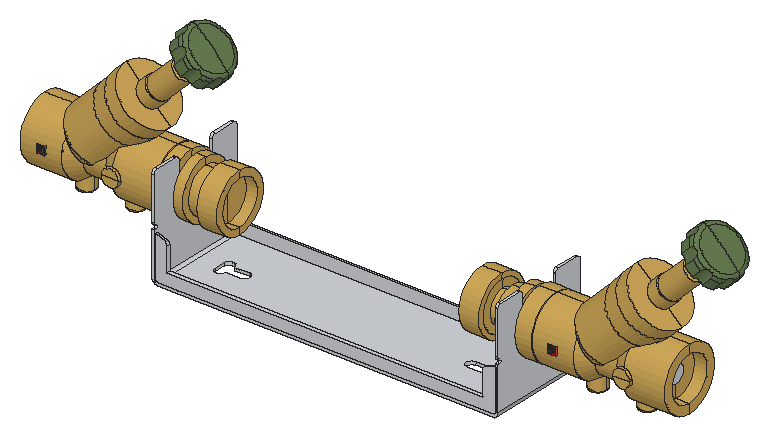
Revit family "Wasserzählergarnitur 4126", category Rohrzubehör, Revit 2020
Family settings
  Bemaßung runder Anschluss = Durchmesser verwenden
  Teiletyp = Unterbricht
  OmniClass-Nummer = 23.65.55.14
  OmniClass-Titel = Valves for Liquid Services
  Arbeitsebenenbasiert = Nein
  Immer vertikal = Ja
  Beim Laden mit Abzugskörper schneiden = Nein
  Gemeinsam genutzt = Nein
Parameters
  Öffnungsdruck des Rückflussverhinderers (Ventil) = "gemäß DIN EN 13959"  # constant formula
  W01 = 20.00°  # constant formula
  Vorgabe-Ansicht = 0.000 mm
  URL = "www.herz-armaturen.at"
  T03 [instance] = R02 - 3.000 mm  # 54.500 mm
  T02 = 17.000 mm  # constant formula
  T01 = 3.000 mm  # constant formula
  Spindel = "geschmiedetes Messing CW 617N"  # constant formula
  SW03 [instance] = size_lookup("4126W_", "SW3", 1.000 mm, Nennweite AG)  # 32.500 mm
  SW02 [instance] = size_lookup("4126W_", "SW2", 1.000 mm, Nennweite AG)  # 32.500 mm
  SW01 [instance] = size_lookup("4126W_", "SW1", 1.000 mm, Nennweite AG)  # 35.000 mm
  SC_NennweiteBerechnet = 0
  SC_Dimension = ""
  SCTWSEQ = "AW;SBT_TYP_AW=\"105\";2"
  SCTWCODE = "02;01;02"  # constant formula
  S05 [instance] = L02 + L12 - L03  # 214.500 mm
  S04 [instance] = L02 + L04 - L03  # 211.500 mm
  S03 = 10.000 mm  # constant formula
  S02 [instance] = Nennweite IG  # 50.000 mm
  S01 [instance] = L01 - L03  # 56.000 mm
  S = 3.000 mm  # constant formula
  R50 = 4.000 mm  # constant formula
  R02 [instance] = size_lookup("4126W_", "R2", 1.000 mm, Nennweite AG)  # 57.500 mm
  R01 [instance] = size_lookup("4126W_", "R1", 1.000 mm, Nennweite AG)  # 24.000 mm
  Nennweite IG [instance] = size_lookup("4126W_", "DN1", 1.000 mm, Nennweite AG)  # 50.000 mm
  Nennweite AG [instance] = 50.000 mm
  Medium = "Trinkwasser"  # constant formula
  Max. Differenzdruck auf geschlossenen Sitz (Ventil) = 1000000.0 Pa  # constant formula
  Max. Betriebstemperatur (Ventil) = 80 °C  # constant formula
  Max. Betriebsdruck (Ventil) = 1600000.0 Pa  # constant formula
  L99 [instance] = size_lookup("4126W_", "L99", 1.000 mm, Nennweite AG)  # 300.000 mm
  L15 = 2.000 mm  # constant formula
  L14 [instance] = size_lookup("4126W_", "L14", 1.000 mm, Nennweite AG)  # 64.000 mm
  L13 [instance] = size_lookup("4126W_", "L13", 1.000 mm, Nennweite AG)  # 54.500 mm
  L12 [instance] = size_lookup("4126W_", "L12", 1.000 mm, Nennweite AG)  # 39.500 mm
  L11 [instance] = size_lookup("4126W_", "L11", 1.000 mm, Nennweite AG)  # 70.000 mm
  L10 [instance] = size_lookup("4126W_", "L10", 1.000 mm, Nennweite AG)  # 15.000 mm
  L09 [instance] = size_lookup("4126W_", "L9", 1.000 mm, Nennweite AG)  # 25.500 mm
  L08 [instance] = size_lookup("4126W_", "L8", 1.000 mm, Nennweite AG)  # 13.400 mm
  L07 [instance] = size_lookup("4126W_", "L7", 1.000 mm, Nennweite AG)  # 22.000 mm
  L06 [instance] = size_lookup("4126W_", "L6", 1.000 mm, Nennweite AG)  # 25.000 mm
  L05 [instance] = size_lookup("4126W_", "L5", 1.000 mm, Nennweite AG)  # 35.500 mm
  L04 [instance] = size_lookup("4126W_", "L4", 1.000 mm, Nennweite AG)  # 36.500 mm
  L03 [instance] = size_lookup("4126W_", "L3", 1.000 mm, Nennweite AG)  # 21.000 mm
  L02 [instance] = (L00 / 2) + 1.000 mm  # 196.000 mm
  L01 [instance] = size_lookup("4126W_", "L1", 1.000 mm, Nennweite AG)  # 77.000 mm
  L00 [instance] = size_lookup("4126W_", "L", 1.000 mm, Nennweite AG)  # 390.000 mm
  Kegel = "geschmiedetes Messing CW 617N"  # constant formula
  Hinweis = "Gemäß Art 33 der REACH-Verordnung (EG Nr. 1907/2006) sind wir verpflichtet, darauf hinzuweisen, dass der Stoff Blei auf der SVHC-Liste geführt wird und dass alle aus Messing bestehenden Bauteile, die in unseren Erzeugnissen verarbeitet sind, mehr als 0,1 % (w/w) Blei (CAS: 7439-92-1 / EINECS: 231-100-4) enthalten.\r\nDa Blei als Legierungsbestandteil fest gebunden ist, sind keine Expositionen zu erwarten und daher sind keine zusätzlichen Angaben zur sicheren Verwendung notwendig."
  Hersteller = "HERZ Armaturen Ges.m.b.H."  # constant formula
  Handrad = "Kunststoff, grün"  # constant formula
  H01 [instance] = 75.000 mm  # constant formula
  H00 [instance] = 115.000 mm  # constant formula
  Gelegentliche Temperaturanstiege (Ventil) = "bis 95°C, nicht länger als eine Stunde"  # constant formula
  Gehäuse = "entzinkungsbeständiges Gussmessing CC770S"  # constant formula
  G2 [instance] = Nennweite IG / 2  # 25.000 mm
  G1 [instance] = Nennweite AG / 2  # 25.000 mm
  DN50 [instance] = Nennweite AG = 50.000 mm  # yes
  DN40 [instance] = Nennweite AG = 40.000 mm  # no
  DN32 [instance] = Nennweite AG = 32.000 mm  # no
  DN25 [instance] = Nennweite AG = 25.000 mm  # no
  DN20 [instance] = Nennweite AG = 20.000 mm  # no
  D06 [instance] = size_lookup("4126W_", "D6", 1.000 mm, Nennweite AG)  # 21.500 mm
  D05 [instance] = size_lookup("4126W_", "D5", 1.000 mm, Nennweite AG)  # 27.000 mm
  D04 [instance] = size_lookup("4126W_", "D4", 1.000 mm, Nennweite AG)  # 18.200 mm
  D03 [instance] = size_lookup("4126W_", "D3", 1.000 mm, Nennweite AG)  # 25.000 mm
  D02 [instance] = size_lookup("4126W_", "D2", 1.000 mm, Nennweite AG)  # 25.000 mm
  D01 [instance] = size_lookup("4126W_", "D1", 1.000 mm, Nennweite AG)  # 22.500 mm
  Bügel = "offenen verzinkten Stahlblech"  # constant formula
  Bestellnummer [instance] = size_lookup("4126W_", "Artnr", 0, Nennweite AG)  # 2412666
  Anwendungsgebiet = "Zum Absperren von Trinkwasserleitungen und zum Einsetzen einer Wasserzählergarnitur."
  ABvor [instance] = size_lookup("4126W_", "ABvor", 1.000 mm, Nennweite AG)  # 346.500 mm
  ABnach [instance] = size_lookup("4126W_", "ABnach", 1.000 mm, Nennweite AG)  # 349.500 mm
Reference planes
  plane 1 "Mitte (Vorne/hinten)": y = 0
  plane 2: z = 0
  plane 3 "Mitte (Links/rechts)": x = 0
Forms (mm)
  Extrusion 1, solid, detail levels fine
    sketch origin (0, 0, 0) x (1, 0, 0) y (0, 0, 1)
      loop
        line (195, 40) -> (192, 40) -> (192, -69)
        arc (192, -69) -> (191.121, -71.121) -> (189, -72) r 3
        line (189, -72) -> (-189, -72)
        arc (-189, -72) -> (-191.121, -71.121) -> (-192, -69) r 3
        line (-192, -69) -> (-192, 40) -> (-195, 40) -> (-195, -69)
        arc (-195, -69) -> (-193.243, -73.243) -> (-189, -75) r 6
        line (-189, -75) -> (189, -75)
        arc (189, -75) -> (193.243, -73.243) -> (195, -69) r 6
        line (195, -69) -> (195, 40)
    from -57.5 to 57.5
  Extrusion 2, solid, detail levels fine
    sketch origin (0, 0, 0) x (1, 0, 0) y (0, 0, 1)
      loop
        line (-192, -23.301) -> (-192, -69)
        arc (-192, -69) -> (-191.121, -71.121) -> (-189, -72) r 3
        line (-189, -72) -> (189, -72)
        arc (189, -72) -> (191.121, -71.121) -> (192, -69) r 3
        line (192, -69) -> (192, -23.301) -> (180.632, -27.439)
        arc (180.632, -27.439) -> (178.723, -28.904) -> (178, -31.198) r 4
        line (178, -31.198) -> (178, -58) -> (-178, -58) -> (-178, -31.198)
        arc (-178, -31.198) -> (-178.723, -28.904) -> (-180.632, -27.439) r 4
        line (-180.632, -27.439) -> (-192, -23.301)
    from -57.5 to -54.5
  Extrusion 3, void
    sketch origin (0, 0, 0) x (0, 1, 0) y (0, 0, 1)
      loop
        arc (-24, 0) -> (0, -24) -> (24, 0) r 24
        line (24, 0) -> (24, 36)
        arc (24, 36) -> (25.172, 38.828) -> (28, 40) r 4
        line (28, 40) -> (53.5, 40)
        arc (53.5, 40) -> (56.328, 38.828) -> (57.5, 36) r 4
        line (57.5, 36) -> (57.5, -13)
        arc (57.5, -13) -> (56.621, -15.121) -> (54.5, -16) r 3
        arc (54.5, -16) -> (52.5, -18) -> (54.5, -20) r 2
        line (54.5, -20) -> (65.5, -20) -> (65.5, 45) -> (-65.5, 45) -> (-65.5, -20) -> (-54.5, -20)
        arc (-54.5, -20) -> (-52.5, -18) -> (-54.5, -16) r 2
        arc (-54.5, -16) -> (-56.621, -15.121) -> (-57.5, -13) r 3
        line (-57.5, -13) -> (-57.5, 36)
        arc (-57.5, 36) -> (-56.328, 38.828) -> (-53.5, 40) r 4
        line (-53.5, 40) -> (-28, 40)
        arc (-28, 40) -> (-25.172, 38.828) -> (-24, 36) r 4
        line (-24, 36) -> (-24, 0)
    from 300 to -300
  Extrusion 4, void
    sketch origin (0, 0, 0) x (1, 0, 0) y (0, 1, 0)
      loop
        arc (119.097, 6.1) -> (112.997, 0) -> (119.097, -6.1) r 6.1
        line (119.097, -6.1) -> (158.897, -6.1)
        arc (158.897, -6.1) -> (164.997, 0) -> (158.897, 6.1) r 6.1
        line (158.897, 6.1) -> (119.097, 6.1)
      loop
        line (-165, 6.1) -> (-165, -6.1)
        arc (-165, -6.1) -> (-158.9, -12.2) -> (-152.8, -6.1) r 6.1
        line (-152.8, -6.1) -> (-136.1, -6.1)
        arc (-136.1, -6.1) -> (-130, 0) -> (-136.1, 6.1) r 6.1
        line (-136.1, 6.1) -> (-152.8, 6.1)
        arc (-152.8, 6.1) -> (-158.9, 12.2) -> (-165, 6.1) r 6.1
    from -75 to -72
  Revolve 5, solid, material "Messing, weicher Gelbton, geschweißt", detail levels fine
    sketch origin (0, 0, 0) x (1, 0, 0) y (0, 0, 1)
      loop
        line (-232.5, 0) -> (-155.5, 0) -> (-155.5, 25) -> (-180.5, 25) -> (-180.5, 32.5) -> (-191, 32.5) -> (-191, 22.5) -> (-196, 22.5) -> (-196, 35) -> (-211.5, 35) -> (-211.5, 25) -> (-232.5, 25) -> (-232.5, 0)
      axis (-232.5, 0) -> (-155.5, 0)
    angle from 0 to 360
  Revolve 6, solid, material "Messing, weicher Gelbton, geschweißt", detail levels fine
    sketch origin (0, 0, 0) x (1, 0, 0) y (0, 0, 1)
      loop
        line (-164.1, 0) -> (-155.5, 0) -> (-155.5, 25) -> (-142.1, 25) -> (-142.1, 32.5) -> (-164.1, 32.5) -> (-164.1, 0)
      axis (-164.1, 0) -> (-142.1, 0)
    angle from 0 to 360
  Revolve 7, solid, material "Messing, weicher Gelbton, geschweißt", detail levels fine
    sketch origin (0, 0, 0) x (-1, 0, 0) y (0, 0, 1)
      loop
        line (-235.5, 0) -> (-198, 0) -> (-198, 18.2) -> (-165.5, 18.2) -> (-165.5, 25) -> (-180.5, 25) -> (-180.5, 32.5) -> (-191, 32.5) -> (-191, 22.5) -> (-196, 22.5) -> (-196, 35) -> (-214.5, 35) -> (-214.5, 25) -> (-235.5, 25) -> (-235.5, 0)
      axis (-235.5, 0) -> (-165.5, 0)
    angle from 0 to 360
  Revolve 8, solid, material "Messing, weicher Gelbton, geschweißt", detail levels fine
    sketch origin (0, 0, 0) x (1, 0, 0) y (0, 0, 1)
      loop
        line (208.5, 0) -> (208.5, 18.2) -> (154, 18.2) -> (154, 27) -> (146.5, 27) -> (146.5, 21.5) -> (144.5, 21.5) -> (144.5, 0) -> (208.5, 0)
      axis (144.5, 0) -> (208.5, 0)
    angle from 0 to 360
  Revolve 9, solid, material "Messing, weicher Gelbton, geschweißt", detail levels fine
    sketch origin (-18.22, 0, 0) x (-1, 0, 0) y (0, 0, 1)
      loop
        line (-171.32, 0) -> (-162.72, 0) -> (-162.72, 25) -> (-149.32, 25) -> (-149.32, 32.5) -> (-171.32, 32.5) -> (-171.32, 0)
      axis (-171.32, 0) -> (-149.32, 0)
    angle from 0 to 360
  Extrusion 10, solid, detail levels fine
    sketch origin (0, 0, 0) x (1, 0, 0) y (0, 0, 1)
      loop
        line (-192, -23.301) -> (-192, -69)
        arc (-192, -69) -> (-191.121, -71.121) -> (-189, -72) r 3
        line (-189, -72) -> (189, -72)
        arc (189, -72) -> (191.121, -71.121) -> (192, -69) r 3
        line (192, -69) -> (192, -23.301) -> (180.632, -27.439)
        arc (180.632, -27.439) -> (178.723, -28.904) -> (178, -31.198) r 4
        line (178, -31.198) -> (178, -58) -> (-178, -58) -> (-178, -31.198)
        arc (-178, -31.198) -> (-178.723, -28.904) -> (-180.632, -27.439) r 4
        line (-180.632, -27.439) -> (-192, -23.301)
    from 54.5 to 57.5
  Extrusion 11, solid, detail levels fine
    sketch origin (55, 0, 0) x (0, 1, 0) y (0, 0, -1)
      loop
        circle (0, 0) r 10
    from 398.5 to 401.5
  Extrusion 12, solid, detail levels fine
    sketch origin (125, 0, 0) x (0, 1, 0) y (0, 0, -1)
      loop
        circle (0, 0) r 10
    from -224.5 to -221.5
Cuts and joins
  Extrusion 3, Extrusion 4 cuts Extrusion 1
Lines and regions (mm)
  model lines, detail levels coarse+medium
    curve 1: line (-211.5, 0, 0) -> (-155.5, 0, 0)
    curve 2: line (-155.5, 0, 25) -> (-155.5, 0, -25)
    curve 3: line (-155.5, 0, 25) -> (-165.5, 0, 25)
    curve 4: line (-165.5, 0, 25) -> (-155.5, 0, 0)
    curve 5: line (-155.5, 0, -25) -> (-165.5, 0, -25)
    curve 6: line (-165.5, 0, -25) -> (-155.5, 0, 0)
    curve 7: line (144.5, 0, 25) -> (144.5, 0, -25)
    curve 8: line (144.5, 0, 25) -> (154.5, 0, 25)
    curve 9: line (154.5, 0, 25) -> (144.5, 0, 0)
    curve 10: line (144.5, 0, -25) -> (154.5, 0, -25)
    curve 11: line (154.5, 0, -25) -> (144.5, 0, 0)
    curve 12: line (214.5, 0, 0) -> (144.5, 0, 0)
    curve 13: line (144.5, -25, 0) -> (144.5, 25, 0)
    curve 14: line (144.5, 25, 0) -> (154.5, 25, 0)
    curve 15: line (154.5, 25, 0) -> (144.5, 0, 0)
    curve 16: line (144.5, -25, 0) -> (154.5, -25, 0)
    curve 17: line (154.5, -25, 0) -> (144.5, 0, 0)
    curve 18: line (-155.5, -25, 0) -> (-155.5, 25, 0)
    curve 19: line (-155.5, 25, 0) -> (-165.5, 25, 0)
    curve 20: line (-165.5, 25, 0) -> (-155.5, 0, 0)
    curve 21: line (-155.5, -25, 0) -> (-165.5, -25, 0)
    curve 22: line (-165.5, -25, 0) -> (-155.5, 0, 0)
Dimensions and locks
  "H00": Extrusion 1 sketch curve to Extrusion 1 sketch curve  (x2)
  "T01": Extrusion 1 sketch curve to Extrusion 1 sketch curve  (x3)
  "L00": Extrusion 1 sketch curve to Extrusion 1 sketch curve
  equal spacing: Extrusion 1 sketch curve, plane 3 "Mitte (Links/rechts)", Extrusion 1 sketch curve
  "H01": plane 2 to Extrusion 1 sketch curve
  "T02": Extrusion 2 sketch curve to Extrusion 1
  "T02": Extrusion 1 to Extrusion 2 sketch curve  (x2)
  Extrusion 4 sketch curve to cut or joined group of Extrusion 1, Extrusion 3, Extrusion 4 = 36.103 mm
  Extrusion 4 sketch curve to Extrusion 4 sketch curve = 39.800 mm
  equal spacing: Extrusion 4 sketch curve, plane 1 "Mitte (Vorne/hinten)", Extrusion 4 sketch curve
  Extrusion 4 sketch curve to Extrusion 4 sketch curve = 12.200 mm
  cut or joined group of Extrusion 1, Extrusion 3, Extrusion 4 to Extrusion 4 sketch curve = 36.100 mm
  cut or joined group of Extrusion 1, Extrusion 3, Extrusion 4 to Extrusion 4 sketch curve = 58.900 mm
  "G1": Revolve 5 sketch curve to Revolve 5 sketch curve
  "L03": Revolve 5 sketch curve to Revolve 5 sketch curve
  "L01": Revolve 5 sketch curve to Revolve 5 sketch curve
  "L02": plane 3 "Mitte (Links/rechts)" to Revolve 5 sketch curve
  "SW01": Revolve 5 sketch curve to Revolve 5 sketch curve
  "SW02": Revolve 5 sketch curve to Revolve 5 sketch curve
  "D01": Revolve 5 sketch curve to Revolve 5 sketch curve
  "L04": Revolve 5 sketch curve to Revolve 5 sketch curve
  "L05": Revolve 5 sketch curve to Revolve 5 sketch curve
  "L06": Revolve 5 sketch curve to Revolve 5 sketch curve
  "D02": Revolve 5 sketch curve to Revolve 5 sketch curve
  "L07": Revolve 6 sketch curve to Revolve 6 sketch curve
  "SW03": Revolve 6 sketch curve to plane 2
  "G2": Revolve 6 sketch curve to plane 2
  "L08": Revolve 6 sketch curve to Revolve 5
  "L08": Revolve 6 sketch curve to Revolve 6 sketch curve
  "G1": Revolve 7 sketch curve to Revolve 7 sketch curve
  "L03": Revolve 7 sketch curve to Revolve 7 sketch curve
  "L11": Revolve 7 sketch curve to Revolve 7 sketch curve
  "SW01": Revolve 7 sketch curve to Revolve 7 sketch curve
  "SW02": Revolve 7 sketch curve to Revolve 7 sketch curve
  "D01": Revolve 7 sketch curve to Revolve 7 sketch curve
  "L12": Revolve 7 sketch curve to Revolve 7 sketch curve
  "L09": Revolve 7 sketch curve to Revolve 7 sketch curve
  "L10": Revolve 7 sketch curve to Revolve 7 sketch curve
  "D03": Revolve 7 sketch curve to Revolve 7 sketch curve
  "L02": plane 3 "Mitte (Links/rechts)" to Revolve 7 sketch curve
  "D04": Revolve 7 sketch curve to plane 2
  "D04": Revolve 8 sketch curve to Revolve 8 sketch curve
  "L13": Revolve 8 sketch curve to Revolve 8 sketch curve
  "L14": Revolve 8 sketch curve to Revolve 8 sketch curve
  "L15": Revolve 8 sketch curve to Revolve 8 sketch curve
  "D05": Revolve 8 sketch curve to Revolve 8 sketch curve
  "D06": Revolve 8 sketch curve to Revolve 8 sketch curve
  "L99": Revolve 5 to Revolve 8
  "L07": Revolve 9 sketch curve to Revolve 9 sketch curve
  "L08": Revolve 9 sketch curve to Revolve 9 sketch curve
  "L08": Revolve 8 to Revolve 9 sketch curve
  "T03": plane 1 "Mitte (Vorne/hinten)" to Extrusion 2
  "R02": cut or joined group of Extrusion 1, Extrusion 3, Extrusion 4 to plane 1 "Mitte (Vorne/hinten)" to cut or joined group of Extrusion 1, Extrusion 3, Extrusion 4
  "R02": plane 1 "Mitte (Vorne/hinten)" to Extrusion 2
  "R02": Extrusion 3 sketch curve to plane 1 "Mitte (Vorne/hinten)" to Extrusion 3 sketch curve
  "R01": Extrusion 3 sketch curve to plane 1 "Mitte (Vorne/hinten)" to Extrusion 3 sketch curve
  "T02": cut or joined group of Extrusion 1, Extrusion 3, Extrusion 4 to Extrusion 10 sketch curve  (x2)
  "T02": Extrusion 10 sketch curve to cut or joined group of Extrusion 1, Extrusion 3, Extrusion 4
  "T03": Extrusion 10 to plane 1 "Mitte (Vorne/hinten)"
  "R02": Extrusion 10 to plane 1 "Mitte (Vorne/hinten)"
  "G2": Revolve 9 sketch curve to plane 2
  "SW03": Revolve 9 sketch curve to level
  "S01": curve 1 to curve 1
  equal spacing: curve 2, plane 2, curve 2
  "S02": curve 2 to curve 2
  "S03": curve 4 to curve 2
  "S04": plane 3 "Mitte (Links/rechts)" to curve 1
  "S03": curve 6 to curve 2
  equal spacing: curve 7, plane 2, curve 7
  "S02": curve 7 to curve 7
  "S03": curve 9 to curve 7
  "S03": curve 11 to curve 7
  "S05": curve 12 to plane 3 "Mitte (Links/rechts)"
  "L99": curve 12 to curve 6
  equal spacing: curve 13, plane 1 "Mitte (Vorne/hinten)", curve 13
  "S02": curve 13 to curve 13
  "S03": curve 13 to curve 15
  "S03": curve 13 to curve 17
  equal spacing: curve 18, plane 1 "Mitte (Vorne/hinten)", curve 18
  "S02": curve 18 to curve 18
  "S03": curve 18 to curve 20
  "S03": curve 18 to curve 22
  "L99": curve 18 to Revolve 9
  "L99": Revolve 6 to curve 13
  "ABnach": Extrusion 12 to plane 3 "Mitte (Links/rechts)"
  "ABvor": plane 3 "Mitte (Links/rechts)" to Extrusion 11
  "S": Extrusion 11 to Extrusion 11
  "S": Extrusion 12 to Extrusion 12
  radius of Extrusion 4 sketch curve = 6.100 mm  (x3)
  "R50": radius of Extrusion 3 sketch curve  (x4)
  "W01": angle Extrusion 2 sketch curve to plane 2
  "W01": angle plane 2 to Extrusion 2 sketch curve
  "W01": angle Extrusion 10 sketch curve to plane 2
  "W01": angle plane 2 to Extrusion 10 sketch curve
  aligned and locked: level to plane 2
Automatic sketch dimensions
  plane 1 "Mitte (Vorne/hinten)" to Extrusion 4 sketch curve = 0.000 mm
  Extrusion 4 sketch curve to Extrusion 4 sketch curve = 0.000 mm  (x2)
  Extrusion 4 sketch curve to Extrusion 4 sketch curve = 6.100 mm
  Revolve 5 sketch curve to level = 0.000 mm  (x2)
  Revolve 5 sketch curve to Revolve 5 sketch curve = 1448.205 mm
  plane 3 "Mitte (Links/rechts)" to Revolve 5 sketch curve = 1739.472 mm
  Revolve 6 sketch curve to level = 0.000 mm  (x2)
  Revolve 6 sketch curve to Revolve 6 sketch curve = 1428.686 mm
  plane 3 "Mitte (Links/rechts)" to Revolve 6 sketch curve = 1839.148 mm
  Revolve 7 sketch curve to level = 0.000 mm  (x2)
  Revolve 7 sketch curve to Revolve 7 sketch curve = 2.000 mm
  Revolve 7 sketch curve to Revolve 7 sketch curve = 1448.205 mm
  plane 3 "Mitte (Links/rechts)" to Revolve 7 sketch curve = 1739.472 mm
  Revolve 9 sketch curve to level = 0.000 mm  (x2)
  Revolve 9 sketch curve to Revolve 9 sketch curve = 1428.686 mm
  plane 3 "Mitte (Links/rechts)" to Revolve 9 sketch curve = 1857.367 mm
  Extrusion 11 sketch curve to level = 0.000 mm
  Extrusion 11 sketch curve to plane 1 "Mitte (Vorne/hinten)" = 0.000 mm
  Extrusion 12 sketch curve to level = 0.000 mm
  Extrusion 12 sketch curve to plane 1 "Mitte (Vorne/hinten)" = 0.000 mm
  curve 12 to level = 0.000 mm
  curve 1 to level = 0.000 mm
  plane 1 "Mitte (Vorne/hinten)" to curve 15 = 0.000 mm
  plane 1 "Mitte (Vorne/hinten)" to curve 17 = 0.000 mm
  plane 1 "Mitte (Vorne/hinten)" to curve 20 = 0.000 mm
  plane 1 "Mitte (Vorne/hinten)" to curve 22 = 0.000 mm
  Extrusion 1 sketch curve to Extrusion 1 sketch curve = 0.000 mm  (x2)
  Extrusion 1 sketch curve to Extrusion 1 sketch curve = 3.000 mm  (x2)
  Extrusion 2 sketch curve to level = 27.439 mm  (x2)
  Extrusion 2 sketch curve to Extrusion 2 sketch curve = 2.632 mm  (x2)
  Extrusion 2 sketch curve to Extrusion 2 sketch curve = 4.000 mm  (x2)
  Extrusion 2 sketch curve to Extrusion 2 sketch curve = 11.000 mm  (x3)
  Extrusion 2 sketch curve to Extrusion 2 sketch curve = 11.368 mm
  Extrusion 2 sketch curve to level = 23.301 mm
  Extrusion 3 sketch curve to level = 0.000 mm
  Extrusion 3 sketch curve to Extrusion 3 sketch curve = 8.000 mm  (x2)
  Extrusion 3 sketch curve to Extrusion 3 sketch curve = 3.000 mm  (x2)
  Extrusion 3 sketch curve to level = 13.000 mm  (x2)
  Extrusion 3 sketch curve to Extrusion 3 sketch curve = 2.000 mm  (x3)
  Extrusion 3 sketch curve to Extrusion 3 sketch curve = 7.000 mm
  level to Extrusion 3 sketch curve = 36.000 mm  (x2)
  Extrusion 3 sketch curve to Extrusion 3 sketch curve = 9.000 mm
  Revolve 8 sketch curve to level = 0.000 mm  (x2)
  plane 3 "Mitte (Links/rechts)" to Revolve 8 sketch curve = 144.500 mm
  Revolve 8 sketch curve to plane 3 "Mitte (Links/rechts)" = 1506.530 mm
  Revolve 8 sketch curve to Revolve 8 sketch curve = 1759.148 mm
  Extrusion 10 sketch curve to level = 27.439 mm  (x2)
  Extrusion 10 sketch curve to Extrusion 10 sketch curve = 2.632 mm  (x2)
  Extrusion 10 sketch curve to Extrusion 10 sketch curve = 1.368 mm
  Extrusion 10 sketch curve to Extrusion 10 sketch curve = 11.000 mm  (x3)
  Extrusion 10 sketch curve to level = 23.301 mm
  Extrusion 10 sketch curve to Extrusion 10 sketch curve = 4.000 mm
  Extrusion 10 sketch curve to Extrusion 10 sketch curve = 11.368 mm
  radius of Extrusion 11 sketch curve = 10.000 mm
  radius of Extrusion 12 sketch curve = 10.000 mm
Nested families
  nested 1: "Rückflussverhinderer 4126" at (-182.5, 0, 0), visible <- "DN20", type "Rückflussverhinderer 4126"
    with S02 95.900 mm, S01 32.000 mm, R12 15.000 mm, R11 5.400 mm, R10 8.500 mm, R09 11.750 mm, R08 13.000 mm, R07 16.500 mm, R06 14.600 mm, R05 10.000 mm, R04 9.500 mm, R02 10.000 mm, R01 16.000 mm, Nennweite 20.000 mm, L16 12.000 mm, L15 12.400 mm, L14 8.000 mm, L12 33.500 mm, L11 12.500 mm, L10 11.000 mm, L09 15.500 mm, L08 30.100 mm, L07 13.500 mm, L06 34.500 mm, L05 26.500 mm, L04 25.500 mm, L02 8.000 mm, L01 24.000 mm, L00 75.000 mm, H01 26.400 mm, DN50 no, DN40 no, DN32 no, DN25-DN50 no, DN25 no, DN20 yes, DN15 no, Bestellnummer 2412602
  nested 2: "Rückflussverhinderer 4126" at (183.5, 0, 0), visible <- "DN20", type "Rückflussverhinderer 4126"
    with S02 95.900 mm, S01 32.000 mm, R12 15.000 mm, R11 5.400 mm, R10 8.500 mm, R09 11.750 mm, R08 13.000 mm, R07 16.500 mm, R06 14.600 mm, R05 10.000 mm, R04 9.500 mm, R02 10.000 mm, R01 16.000 mm, Nennweite 20.000 mm, L16 12.000 mm, L15 12.400 mm, L14 8.000 mm, L12 33.500 mm, L11 12.500 mm, L10 11.000 mm, L09 15.500 mm, L08 30.100 mm, L07 13.500 mm, L06 34.500 mm, L05 26.500 mm, L04 25.500 mm, L02 8.000 mm, L01 24.000 mm, L00 75.000 mm, H01 26.400 mm, DN50 no, DN40 no, DN32 no, DN25-DN50 no, DN25 no, DN20 yes, DN15 no, Bestellnummer 2412602
  nested 3: "Rückflussverhinderer 4126" at (-190, 0, 0), visible <- "DN25", type "Rückflussverhinderer 4126"
    with S02 113.800 mm, S01 41.000 mm, R12 19.500 mm, R11 6.000 mm, R10 9.000 mm, R09 12.750 mm, R08 14.000 mm, R07 20.000 mm, R06 17.750 mm, R05 12.500 mm, R04 9.500 mm, R02 12.500 mm, R01 20.500 mm, Nennweite 25.000 mm, L16 13.500 mm, L15 12.400 mm, L14 12.000 mm, L12 43.400 mm, L11 22.400 mm, L10 11.000 mm, L09 19.500 mm, L08 34.000 mm, L07 18.000 mm, L06 38.500 mm, L05 25.500 mm, L04 25.500 mm, L02 11.000 mm, L01 27.000 mm, L00 90.000 mm, H01 32.000 mm, DN50 no, DN40 no, DN32 no, DN25-DN50 yes, DN25 yes, DN20 no, DN15 no, Bestellnummer 2412603
  nested 4: "Rückflussverhinderer 4126" at (191, 0, 0), visible <- "DN25", type "Rückflussverhinderer 4126"
    with S02 113.800 mm, S01 41.000 mm, R12 19.500 mm, R11 6.000 mm, R10 9.000 mm, R09 12.750 mm, R08 14.000 mm, R07 20.000 mm, R06 17.750 mm, R05 12.500 mm, R04 9.500 mm, R02 12.500 mm, R01 20.500 mm, Nennweite 25.000 mm, L16 13.500 mm, L15 12.400 mm, L14 12.000 mm, L12 43.400 mm, L11 22.400 mm, L10 11.000 mm, L09 19.500 mm, L08 34.000 mm, L07 18.000 mm, L06 38.500 mm, L05 25.500 mm, L04 25.500 mm, L02 11.000 mm, L01 27.000 mm, L00 90.000 mm, H01 32.000 mm, DN50 no, DN40 no, DN32 no, DN25-DN50 yes, DN25 yes, DN20 no, DN15 no, Bestellnummer 2412603
  nested 5: "Rückflussverhinderer 4126" at (-200, 0, 0), visible <- "DN32", type "Rückflussverhinderer 4126"
    with S02 129.700 mm, S01 50.000 mm, R12 24.000 mm, R11 6.000 mm, R10 9.000 mm, R09 12.750 mm, R08 14.000 mm, R07 25.000 mm, R06 24.000 mm, R05 16.000 mm, R04 9.500 mm, R02 16.000 mm, R01 25.000 mm, Nennweite 32.000 mm, L16 16.500 mm, L15 12.400 mm, L14 12.000 mm, L12 47.300 mm, L11 26.300 mm, L10 11.000 mm, L09 10.000 mm, L08 52.700 mm, L07 20.000 mm, L06 60.000 mm, L05 28.600 mm, L04 27.500 mm, L02 7.500 mm, L01 33.000 mm, L00 110.000 mm, H01 39.000 mm, DN50 no, DN40 no, DN32 yes, DN25-DN50 yes, DN25 no, DN20 no, DN15 no, Bestellnummer 2412604
  nested 6: "Rückflussverhinderer 4126" at (201, 0, 0), visible <- "DN32", type "Rückflussverhinderer 4126"
    with S02 129.700 mm, S01 50.000 mm, R12 24.000 mm, R11 6.000 mm, R10 9.000 mm, R09 12.750 mm, R08 14.000 mm, R07 25.000 mm, R06 24.000 mm, R05 16.000 mm, R04 9.500 mm, R02 16.000 mm, R01 25.000 mm, Nennweite 32.000 mm, L16 16.500 mm, L15 12.400 mm, L14 12.000 mm, L12 47.300 mm, L11 26.300 mm, L10 11.000 mm, L09 10.000 mm, L08 52.700 mm, L07 20.000 mm, L06 60.000 mm, L05 28.600 mm, L04 27.500 mm, L02 7.500 mm, L01 33.000 mm, L00 110.000 mm, H01 39.000 mm, DN50 no, DN40 no, DN32 yes, DN25-DN50 yes, DN25 no, DN20 no, DN15 no, Bestellnummer 2412604
  nested 7: "Rückflussverhinderer 4126" at (-274.5, 0, 0), visible <- "DN40", type "Rückflussverhinderer 4126"
    with S02 143.400 mm, S01 55.000 mm, R12 26.500 mm, R11 6.000 mm, R10 9.000 mm, R09 12.750 mm, R08 14.000 mm, R07 28.500 mm, R06 27.000 mm, R05 20.000 mm, R04 9.500 mm, R02 20.000 mm, R01 27.500 mm, Nennweite 40.000 mm, L16 19.000 mm, L15 12.400 mm, L14 14.000 mm, L12 50.000 mm, L11 28.000 mm, L10 12.000 mm, L09 15.000 mm, L08 51.500 mm, L07 21.000 mm, L06 66.000 mm, L05 32.000 mm, L04 31.000 mm, L02 9.000 mm, L01 38.000 mm, L00 120.000 mm, H01 40.000 mm, DN50 no, DN40 yes, DN32 no, DN25-DN50 yes, DN25 no, DN20 no, DN15 no, Bestellnummer 2412605
  nested 8: "Rückflussverhinderer 4126" at (274.5, 0, 0), visible <- "DN40", type "Rückflussverhinderer 4126"
    with S02 143.400 mm, S01 55.000 mm, R12 26.500 mm, R11 6.000 mm, R10 9.000 mm, R09 12.750 mm, R08 14.000 mm, R07 28.500 mm, R06 27.000 mm, R05 20.000 mm, R04 9.500 mm, R02 20.000 mm, R01 27.500 mm, Nennweite 40.000 mm, L16 19.000 mm, L15 12.400 mm, L14 14.000 mm, L12 50.000 mm, L11 28.000 mm, L10 12.000 mm, L09 15.000 mm, L08 51.500 mm, L07 21.000 mm, L06 66.000 mm, L05 32.000 mm, L04 31.000 mm, L02 9.000 mm, L01 38.000 mm, L00 120.000 mm, H01 40.000 mm, DN50 no, DN40 yes, DN32 no, DN25-DN50 yes, DN25 no, DN20 no, DN15 no, Bestellnummer 2412605
  nested 9: "Rückflussverhinderer 4126" at (-286.5, 0, 0), visible <- "DN50", type "Rückflussverhinderer 4126"
    with S02 182.900 mm, S01 70.000 mm, R12 34.000 mm, R11 6.000 mm, R10 9.000 mm, R09 13.000 mm, R08 14.000 mm, R07 35.000 mm, R06 33.500 mm, R05 25.000 mm, R04 9.500 mm, R02 25.000 mm, R01 35.000 mm, Nennweite 50.000 mm, L16 23.500 mm, L15 12.400 mm, L14 19.000 mm, L12 66.500 mm, L11 41.000 mm, L10 15.500 mm, L09 17.500 mm, L08 66.000 mm, L07 31.500 mm, L06 86.500 mm, L05 36.500 mm, L04 37.500 mm, L02 13.000 mm, L01 47.000 mm, L00 150.000 mm, H01 45.000 mm, DN50 yes, DN40 no, DN32 no, DN25-DN50 yes, DN25 no, DN20 no, DN15 no, Bestellnummer 2412606
  nested 10: "Rückflussverhinderer 4126" at (289.5, 0, 0), visible <- "DN50", type "Rückflussverhinderer 4126"
    with S02 182.900 mm, S01 70.000 mm, R12 34.000 mm, R11 6.000 mm, R10 9.000 mm, R09 13.000 mm, R08 14.000 mm, R07 35.000 mm, R06 33.500 mm, R05 25.000 mm, R04 9.500 mm, R02 25.000 mm, R01 35.000 mm, Nennweite 50.000 mm, L16 23.500 mm, L15 12.400 mm, L14 19.000 mm, L12 66.500 mm, L11 41.000 mm, L10 15.500 mm, L09 17.500 mm, L08 66.000 mm, L07 31.500 mm, L06 86.500 mm, L05 36.500 mm, L04 37.500 mm, L02 13.000 mm, L01 47.000 mm, L00 150.000 mm, H01 45.000 mm, DN50 yes, DN40 no, DN32 no, DN25-DN50 yes, DN25 no, DN20 no, DN15 no, Bestellnummer 2412606
Connectors
  piping at (-346.5, 0, 0), diameter 50, driven by "Nennweite AG"
    settings: on Extrusion 11, index 1, connector inside diameter 609.6 mm, connector length 0.000 mm, flow factor 0, pipe flow 0.0 L/s, pressure drop 0.0 Pa, fitting loss kfactor 0, connector angle 0.00°, fixture units 0, engagement length 0.000 mm, angle of deflection 0.00°, flow configuration 0, flow direction 1, fitting loss method 0, system type 20, joint type 0, gender type 0, connector reference index -1, connector utility 0, adjustable connector no, is connector primary yes, connector description ""
  piping at (349.5, 0, 0), diameter 50, driven by "Nennweite AG"
    settings: on Extrusion 12, index 2, connector inside diameter 609.6 mm, connector length 0.000 mm, flow factor 0, pipe flow 0.0 L/s, pressure drop 0.0 Pa, fitting loss kfactor 0, connector angle 0.00°, fixture units 0, engagement length 0.000 mm, angle of deflection 0.00°, flow configuration 0, flow direction 2, fitting loss method 0, system type 20, joint type 0, gender type 0, connector reference index -1, connector utility 0, adjustable connector no, is connector primary no, connector description ""
Definition of nested family "Rückflussverhinderer 4126"
  Parameters (values of type "Rückflussverhinderer 4126")
    W01 = 45.00°  # constant formula
    Default Elevation = 0.000 mm
    URL = "www.herz-armaturen.at"
    Spindel = "geschmiedetes Messing CW617N"  # constant formula
    SW01 = 60.00°  # constant formula
    SC_NennweiteBerechnet = 0
    SC_Dimension = ""
    SCTWSEQ = "FW;SBT_TYP_FW=\"109\";2"
    SCTWCODE = "04;00;02"  # constant formula
    S03 = 60.000 mm  # constant formula
    S02 [instance] = L06 + L09 + L12 + L15  # 95.900 mm
    S01 [instance] = R01 * 2  # 32.000 mm
    R12 [instance] = R01 - 1.000 mm  # 15.000 mm
    R11 [instance] = size_lookup("4126_", "R11", 46.500 mm, Nennweite)  # 5.400 mm
    R100 = 1.000 mm  # constant formula
    R10 [instance] = size_lookup("4126_", "R10", 46.500 mm, Nennweite)  # 8.500 mm
    R09 [instance] = size_lookup("4126_", "R9", 46.500 mm, Nennweite)  # 11.750 mm
    R08 [instance] = size_lookup("4126_", "R8", 46.500 mm, Nennweite)  # 13.000 mm
    R07 [instance] = size_lookup("4126_", "R7", 46.500 mm, Nennweite)  # 16.500 mm
    R06 [instance] = size_lookup("4126_", "R6", 43.000 mm, Nennweite)  # 14.600 mm
    R05 [instance] = Nennweite / 2  # 10.000 mm
    R04 [instance] = size_lookup("4126_", "R4", 11.500 mm, Nennweite)  # 9.500 mm
    R03 = 9.500 mm  # constant formula
    R02 [instance] = Nennweite / 2  # 10.000 mm
    R01 [instance] = size_lookup("4126_", "R1", 11.500 mm, Nennweite)  # 16.000 mm
    Nennweite [instance] = 20.000 mm
    Max.Betriebstemperatur = 80 °C  # constant formula
    Max.Betriebsdruck = 1600000.0 Pa  # constant formula
    L16 [instance] = L01 / 2  # 12.000 mm
    L15 [instance] = size_lookup("4126_", "L15", 12.400 mm, Nennweite)  # 12.400 mm
    L14 [instance] = size_lookup("4126_", "L14", 81.000 mm, Nennweite)  # 8.000 mm
    L12 [instance] = size_lookup("4126_", "L12", 81.000 mm, Nennweite)  # 33.500 mm
    L11 [instance] = size_lookup("4126_", "L11", 60.000 mm, Nennweite)  # 12.500 mm
    L10 [instance] = size_lookup("4126_", "L10", 20.000 mm, Nennweite)  # 11.000 mm
    L09 [instance] = size_lookup("4126_", "L9", 11.000 mm, Nennweite)  # 15.500 mm
    L08 [instance] = size_lookup("4126_", "L8", 35.000 mm, Nennweite)  # 30.100 mm
    L07 [instance] = size_lookup("4126_", "L7", 35.000 mm, Nennweite)  # 13.500 mm
    L06 [instance] = size_lookup("4126_", "L6", 118.000 mm, Nennweite) - L09  # 34.500 mm
    L05 [instance] = size_lookup("4126_", "L5", 44.000 mm, Nennweite)  # 26.500 mm
    L04 [instance] = size_lookup("4126_", "L4", 45.000 mm, Nennweite)  # 25.500 mm
    L03 = 15.000 mm  # constant formula
    L02 [instance] = size_lookup("4126_", "L2", 22.000 mm, Nennweite)  # 8.000 mm
    L01 [instance] = size_lookup("4126_", "L1", 48.000 mm, Nennweite)  # 24.000 mm
    L00 [instance] = size_lookup("4126_", "L", 180.000 mm, Nennweite)  # 75.000 mm
    Kegel = "geschmiedetes Messing CW617N"  # constant formula
    Manufacturer = "Herz-Armaturen GmbH"  # constant formula
    Handrad = "Kunststoff, grün"  # constant formula
    H01 [instance] = size_lookup("4126_", "H1", 53.000 mm, Nennweite)  # 26.400 mm
    Gehäuse = "entzinkungsbeständiges Gussmessing CC770S"  # constant formula
    DN50 [instance] = Nennweite = 50.000 mm  # no
    DN40 [instance] = Nennweite = 40.000 mm  # no
    DN32 [instance] = Nennweite = 32.000 mm  # no
    DN25-DN50 [instance] = or(Nennweite = 25.000 mm, Nennweite = 32.000 mm, Nennweite = 40.000 mm, Nennweite = 50.000 mm)  # no
    DN25 [instance] = Nennweite = 25.000 mm  # no
    DN20 [instance] = Nennweite = 20.000 mm  # yes
    DN15 [instance] = Nennweite = 15.000 mm  # no
    Bestellnummer [instance] = size_lookup("4126_", "Artnr", 0, Nennweite)  # 2412602
    Anwendungsgebiet = "Zum Absperren von Trinkwasserleitungen und -anlagen in Gebäuden\r\nMax. Betreibstemp.: 80°C (gelegentlicher Temperaturansteig bis 95°C sind zulässig, wenn sie nicht länger als 1h andauern)\r\nMax. Betiebsdruck: 10bar"
  Reference planes
    plane 1 "Mitte (Vorne/hinten)": y = 0
    plane 2: z = 0
    plane 3 "Mitte (Links/rechts)": x = 0
  Forms (mm)
    Revolve 1, solid, detail levels fine
      sketch origin (470, 0, 0) x (1, 0, 0) y (0, 0, 1)
        loop
          line (-507.5, 10) -> (-492.5, 10) -> (-492.5, 0) -> (-447.5, 0) -> (-447.5, 10) -> (-432.5, 10) -> (-432.5, 16) -> (-456.5, 16) -> (-462, 10) -> (-478, 10) -> (-483.5, 16) -> (-507.5, 16) -> (-507.5, 10)
        axis (-507.5, 0) -> (-432.5, 0)
      angle from 0 to 360
    Revolve 2, solid, detail levels fine
      sketch origin (470, 0, 0) x (1, 0, 0) y (0, 0, 1)
        loop
          line (-493, 0) -> (-493, -25.4)
          arc (-493, -25.4) -> (-492.707, -26.107) -> (-492, -26.4) r 1
          line (-492, -26.4) -> (-483.5, -26.4) -> (-483.5, 0) -> (-493, 0)
        axis (-483.5, 0) -> (-483.5, -26.4)
      angle from 0 to 360
    Revolve 3, solid, detail levels fine
      sketch origin (0, 0, 0) x (1, 0, 0) y (0, 1, 0)
        loop
          line (13.5, -25.5) -> (23, -25.5) -> (23, 26.5) -> (13.5, 26.5) -> (13.5, -25.5)
        axis (13.5, -25.5) -> (13.5, 26.5)
      angle from 0 to 360
    Revolve 4, solid, visible <- "DN25-DN50", detail levels fine
      sketch origin (-470, 0, 0) x (-1, 0, 0) y (0, 0, 1)
        loop
          line (-493, 0) -> (-493, -25.4)
          arc (-493, -25.4) -> (-492.707, -26.107) -> (-492, -26.4) r 1
          line (-492, -26.4) -> (-483.5, -26.4) -> (-483.5, 0) -> (-493, 0)
        axis (-483.5, 0) -> (-483.5, -26.4)
      angle from 0 to 360
    Revolve 5, solid, detail levels fine
      sketch origin (0.32, 0, -0.105) x (1, 0, 0) y (0, 0, 1)
        loop
          line (-13.82, 0) -> (53.991, 67.812) -> (50.173, 71.63) -> (41.405, 62.862) -> (39.213, 65.054) -> (32.142, 57.983) -> (29.844, 60.281) -> (21.005, 51.442) -> (20.121, 52.326) -> (12.343, 44.548) -> (9.868, 47.023) -> (-1.092, 36.062) -> (-2.86, 31.608) -> (-18.487, 15.981) -> (-20.891, 7.071) -> (-13.82, 0)
        axis (-13.82, 0) -> (53.991, 67.812)
      angle from 0 to 360
  Lines and regions (mm)
    model lines, detail levels coarse+medium
      curve 1: line (-37.5, 0, 16) -> (-37.5, 0, -16)
      curve 2: line (-37.5, 0, -16) -> (37.5, 0, 16)
      curve 3: line (37.5, 0, 16) -> (37.5, 0, -16)
      curve 4: line (37.5, 0, -16) -> (-37.5, 0, 16)
      curve 5: line (0, 0, 0) -> (47.95, 0, 83.052)
      curve 6: line (21.969, 0, 98.052) -> (73.931, 0, 68.052)
      curve 7: line (-37.5, -16, 0) -> (-37.5, 16, 0)
      curve 8: line (-37.5, 16, 0) -> (37.5, -16, 0)
      curve 9: line (37.5, -16, 0) -> (37.5, 16, 0)
      curve 10: line (37.5, 16, 0) -> (-37.5, -16, 0)
      curve 11: line (0, 0, 0) -> (47.95, 83.052, 0)
      curve 12: line (21.969, 98.052, 0) -> (73.931, 68.052, 0)
  Dimensions and locks
    "H01": plane 2 to Revolve 2 sketch curve
    "L00": Revolve 1 sketch curve to Revolve 1 sketch curve
    equal spacing: Revolve 1 sketch curve, plane 3 "Mitte (Links/rechts)", Revolve 1 sketch curve
    "R01": Revolve 1 sketch curve to Revolve 1 sketch curve  (x2)
    "R02": Revolve 1 sketch curve to Revolve 1 sketch curve  (x3)
    "L01": Revolve 1 sketch curve to Revolve 1 sketch curve  (x2)
    "L02": plane 3 "Mitte (Links/rechts)" to Revolve 1 sketch curve
    "L02": Revolve 1 sketch curve to plane 3 "Mitte (Links/rechts)"
    "L03": Revolve 1 sketch curve to Revolve 1 sketch curve  (x2)
    "L01": Revolve 1 to Revolve 2 sketch curve
    "R03": Revolve 2 sketch curve to Revolve 2 sketch curve
    "L01": Revolve 4 sketch curve to Revolve 1
    "R03": Revolve 4 sketch curve to Revolve 4 sketch curve
    "H01": plane 2 to Revolve 4 sketch curve
    "L04": Revolve 3 sketch curve to plane 1 "Mitte (Vorne/hinten)"
    "L05": plane 1 "Mitte (Vorne/hinten)" to Revolve 3 sketch curve
    "R04": Revolve 3 sketch curve to Revolve 3 sketch curve
    "L01": Revolve 3 sketch curve to Revolve 1
    "R07": Revolve 5 sketch curve to Revolve 5 sketch curve
    "L07": plane 3 "Mitte (Links/rechts)" to Revolve 5 sketch curve
    "R05": Revolve 5 sketch curve to Revolve 5 sketch curve
    "L06": Revolve 5 sketch curve to Revolve 5 sketch curve
    "L08": Revolve 5 sketch curve to Revolve 5 sketch curve
    "R06": Revolve 5 sketch curve to Revolve 5 sketch curve
    "L14": Revolve 5 sketch curve to Revolve 5 sketch curve
    "L09": Revolve 5 sketch curve to Revolve 5 sketch curve
    "R08": Revolve 5 sketch curve to Revolve 5 sketch curve
    "L10": Revolve 5 sketch curve to Revolve 5 sketch curve
    "R09": Revolve 5 sketch curve to Revolve 5 sketch curve
    "R10": Revolve 5 sketch curve to Revolve 5 sketch curve
    "L12": Revolve 5 sketch curve to Revolve 5 sketch curve
    "R11": Revolve 5 sketch curve to Revolve 5 sketch curve
    "L15": Revolve 5 sketch curve to Revolve 5 sketch curve
    "L11": Revolve 5 sketch curve to Revolve 5 sketch curve
    "R12": nested 7 to plane 1 "Mitte (Vorne/hinten)"
    "L16": Revolve 1 to nested 7
    "L00": curve 1 to curve 3
    "S01": curve 4 to curve 2
    "S01": curve 3 to curve 4
    equal spacing: curve 4, plane 2, curve 2
    equal spacing: curve 3, plane 2, curve 4
    "S02": curve 5 to curve 5
    equal spacing: curve 6, curve 5, curve 6
    "S03": curve 6 to curve 6
    "L00": curve 7 to curve 9
    "S01": curve 10 to curve 8
    curve 9 to curve 10 = 32.000 mm
    equal spacing: curve 12, curve 11, curve 12
    "S03": curve 12 to curve 12
    "S02": curve 11 to curve 11
    equal spacing: curve 10, plane 1 "Mitte (Vorne/hinten)", curve 8
    equal spacing: curve 9, plane 1 "Mitte (Vorne/hinten)", curve 10
    equal spacing: curve 7, plane 3 "Mitte (Links/rechts)", curve 9
    equal spacing: Revolve 1, curve 5, Revolve 1
    equal spacing: curve 7, curve 11, Revolve 1
    equal spacing: curve 1, plane 3 "Mitte (Links/rechts)", curve 3
    "R100": radius of Revolve 2 sketch curve
    "R100": radius of Revolve 4 sketch curve
    "W01": angle plane 2 to Revolve 5 sketch curve
    "W01": angle level to Revolve 5 sketch curve
    "SW01": angle plane 2 to curve 5
    "SW01": angle plane 1 "Mitte (Vorne/hinten)" to curve 11
    aligned and locked: level to plane 2
  Automatic sketch dimensions
    curve 5 to level = 0.000 mm
    plane 1 "Mitte (Vorne/hinten)" to curve 11 = 0.000 mm
    Revolve 1 sketch curve to level = 0.000 mm  (x2)
    Revolve 1 sketch curve to Revolve 1 sketch curve = 791.990 mm
    Revolve 1 sketch curve to Revolve 1 sketch curve = 2278.983 mm
    Revolve 2 sketch curve to level = 0.000 mm  (x2)
    Revolve 2 sketch curve to Revolve 2 sketch curve = 0.000 mm
    Revolve 2 sketch curve to Revolve 2 sketch curve = 0.292 mm
    Revolve 3 sketch curve to Revolve 3 sketch curve = 0.000 mm  (x3)
    Revolve 4 sketch curve to level = 0.000 mm  (x2)
    Revolve 4 sketch curve to Revolve 4 sketch curve = 0.000 mm
    Revolve 4 sketch curve to Revolve 4 sketch curve = 0.292 mm
    Revolve 5 sketch curve to level = 0.105 mm
    Revolve 5 sketch curve to Revolve 5 sketch curve = 0.000 mm  (x2)
  Nested families
    nested 1: "Strömax-Handrad_Schrägsitz (Grün)" at (42.584, 0, 54.979), visible <- "DN15", type "Strömax-Handrad_Schrägsitz (Grün)", detail levels fine
      with Nennweite 0.000 mm, Gewicht 0.00 kg, Bestellnummer 0
    nested 2: "Strömax-Handrad_Schrägsitz (Grün)" at (54.312, 0, 67.707), visible <- "DN20", type "Strömax-Handrad_Schrägsitz (Grün)", detail levels fine
      with Nennweite 0.000 mm, Gewicht 0.00 kg, Bestellnummer 0
    nested 3: "Strömax-Handrad_Schrägsitz (Grün)" at (62.469, 0, 80.364), visible <- "DN25", type "Strömax-Handrad_Schrägsitz (Grün)", detail levels fine
      with Nennweite 0.000 mm, Gewicht 0.00 kg, Bestellnummer 0
    nested 4: "Strömax-Handrad_Schrägsitz (Grün)" at (71.712, 0, 91.607), visible <- "DN32", type "Strömax-Handrad_Schrägsitz (Grün)", detail levels fine
      with Nennweite 0.000 mm, Gewicht 0.00 kg, Bestellnummer 0
    nested 5: "Strömax-Handrad_Schrägsitz (Grün)" at (80.399, 0, 101.294), visible <- "DN40", type "Strömax-Handrad_Schrägsitz (Grün)", detail levels fine
      with Nennweite 0.000 mm, Gewicht 0.00 kg, Bestellnummer 0
    nested 6: "Strömax-Handrad_Schrägsitz (Grün)" at (97.83, 0, 129.225), visible <- "DN50", type "Strömax-Handrad_Schrägsitz (Grün)", detail levels fine
      with Nennweite 0.000 mm, Gewicht 0.00 kg, Bestellnummer 0
    nested 7: "Herz-Logo-vorne" at (-25.5, -15.732, 0) x (0, 1, 0) z (0, 0, 1), type "Herz-Logo-vorne", detail levels fine
  Connectors
    piping at (-22.5, 0, 0), diameter 20, driven by "Nennweite"
      settings: on Revolve 1, index 1, connector inside diameter 609.6 mm, connector length 0.000 mm, flow factor 0, pipe flow 0.0 L/s, pressure drop 0.0 Pa, fitting loss kfactor 0, connector angle 0.00°, fixture units 0, engagement length 0.000 mm, angle of deflection 0.00°, flow configuration 0, flow direction 1, fitting loss method 0, system type 29, joint type 0, gender type 0, connector reference index -1, connector utility 0, adjustable connector no, is connector primary yes, connector description ""
    piping at (22.5, 0, 0), diameter 20, driven by "Nennweite"
      settings: on Revolve 1, index 2, connector inside diameter 609.6 mm, connector length 0.000 mm, flow factor 0, pipe flow 0.0 L/s, pressure drop 0.0 Pa, fitting loss kfactor 0, connector angle 0.00°, fixture units 0, engagement length 0.000 mm, angle of deflection 0.00°, flow configuration 0, flow direction 2, fitting loss method 0, system type 29, joint type 0, gender type 0, connector reference index -1, connector utility 0, adjustable connector no, is connector primary no, connector description ""
  Definition of nested family "Strömax-Handrad_Schrägsitz (Grün)"
    Parameters (values of type "Strömax-Handrad_Schrägsitz (Grün)")
      Default Elevation = 0.000 mm
      URL = "www.herz-armaturen.at"
      Nennweite [instance] = 0.000 mm
      Manufacturer = "Herz Armaturen GmbH"  # constant formula
      Gewicht [instance] = 0.00 kg
      Bestellnummer [instance] = 0
    Reference planes
      plane 1 "Mitte (Vorne/hinten)": y = 0
      plane 2: z = 0
      plane 3 "Mitte (Links/rechts)": x = 0
    Forms (mm)
      Revolve 1, solid
        sketch origin (0, 0, 0) x (0.707107, 0, -0.707107) y (0.707107, 0, 0.707107)
          loop
            line (0, 0) -> (0, 22)
            arc (0, 22) -> (-12.15, 21.705) -> (-24.271, 20.819) r 250
            arc (-24.271, 20.819) -> (-26.831, 19.959) -> (-28.754, 18.063) r 6
            arc (-28.754, 18.063) -> (-29.682, 16.008) -> (-30, 13.776) r 8
            line (-30, 13.776) -> (-30, 0) -> (0, 0)
          axis (0, 22) -> (0, 0)
        angle from 0 to 360
      Extrusion 2, void
        sketch origin (0, 0, 0) x (0.707107, 0, -0.707107) y (0, 1, 0)
          loop
            circle (14.351, -34.645) r 10
        from 0 to 22
      Extrusion 3, void
        sketch origin (0, 0, 0) x (-0.707107, 0, 0.707107) y (0, -1, 0)
          loop
            circle (14.351, 34.645) r 10
        from 0 to 22
      Extrusion 4, void
        sketch origin (0, 0, 0) x (0, -1, 0) y (0.707107, 0, -0.707107)
          loop
            circle (14.351, 34.645) r 10
        from 0 to 22
      Extrusion 5, void
        sketch origin (0, 0, 0) x (0, 1, 0) y (-0.707107, 0, 0.707107)
          loop
            circle (14.351, -34.645) r 10
        from 0 to 22
      Extrusion 6, void
        sketch origin (0, 0, 0) x (0, -1, 0) y (0.707107, 0, -0.707107)
          loop
            circle (14.351, -34.645) r 10
        from 0 to 22
      Extrusion 7, void
        sketch origin (0, 0, 0) x (0, 1, 0) y (-0.707107, 0, 0.707107)
          loop
            circle (14.351, 34.645) r 10
        from 0 to 22
      Extrusion 8, void
        sketch origin (0, 0, 0) x (0.707107, 0, -0.707107) y (0, 1, 0)
          loop
            circle (14.351, 34.645) r 10
        from 0 to 22
      Extrusion 9, void
        sketch origin (0, 0, 0) x (-0.707107, 0, 0.707107) y (0, -1, 0)
          loop
            circle (14.351, -34.645) r 10
        from 0 to 22
    Cuts and joins
      Extrusion 2, Extrusion 3, Extrusion 4, Extrusion 5, Extrusion 6, Extrusion 7, Extrusion 8, Extrusion 9 cuts Revolve 1
    Dimensions and locks
      aligned and locked: level to plane 2
  Definition of nested family "Herz-Logo-vorne"
    Parameters (values of type "Herz-Logo-vorne")
      Default Elevation = 0.000 mm
    Reference planes
      plane 1 "Mitte (Vorne/hinten)": y = 0
      plane 2: z = 0
      plane 3 "Mitte (Links/rechts)": x = 0
    Forms (mm)
      Extrusion 1, solid
        sketch origin (0.732, -0.018, 0.017) x (0, -1, 0) y (0, 0, 1)
          loop
            line (-0.018, -4.517) -> (4.482, -4.517) -> (4.482, 4.483) -> (-4.518, 4.483) -> (-4.518, -4.517) -> (-0.018, -4.517)
          loop
            line (-0.05, -3.48) -> (3.482, -3.48) -> (3.482, 3.483) -> (-3.518, 3.483) -> (-3.518, -3.48) -> (-0.05, -3.48)
          loop
            arc (-0.018, 2.383) -> (-1.543, 3.287) -> (-3.067, 2.383) r 1.738
            arc (-3.067, 2.383) -> (-3.191, 1.899) -> (-3.067, 1.415) r 1.009
            line (-3.067, 1.415) -> (-0.018, -3.281) -> (3.032, 1.415)
            arc (3.032, 1.415) -> (3.156, 1.899) -> (3.032, 2.383) r 1.009
            arc (3.032, 2.383) -> (1.507, 3.287) -> (-0.018, 2.383) r 1.738
          loop
            arc (1.885, 1.272) -> (2.005, 1.675) -> (1.885, 2.079) r 0.74
            arc (1.885, 2.079) -> (1.265, 2.416) -> (0.644, 2.079) r 0.74
            line (0.644, 2.079) -> (-0.018, 0.97) -> (-0.679, 2.079)
            arc (-0.679, 2.079) -> (-1.3, 2.416) -> (-1.921, 2.079) r 0.74
            arc (-1.921, 2.079) -> (-2.04, 1.675) -> (-1.921, 1.272) r 0.74
            line (-1.921, 1.272) -> (-0.018, -1.658) -> (1.885, 1.272)
        from 0 to 1.5
    Dimensions and locks
      aligned and locked: level to plane 2
